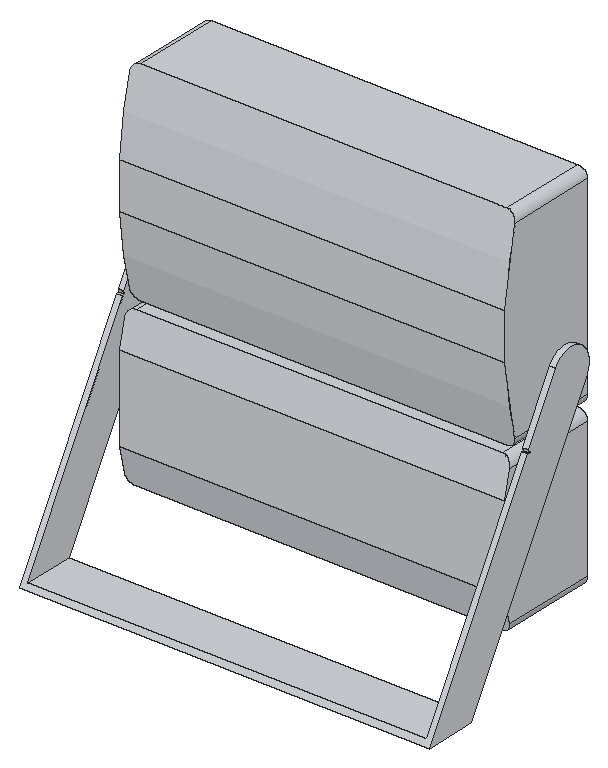
Revit family "Lighting-Floodlights-GEWISS-SMART[PRO]2.0-LED-MEDIUM-POWER_2MODULE_DALI.CLII", category Apparecchi per illuminazione, host Superficie, Revit 2019
Family settings
  Host = Superficie
  Quota connettore circolare = Usa diametro
  Tipo di parte = Normale
  Taglio con vuoti quando caricato = No
  Sorgente d'illuminazione = No
  Condiviso = No
  Punto di calcolo locali = No
Parameters (values of type "GWP2284NB - SMARTPRO2.0 2M 4000K CRI80 A3 DALI CL2")
  Wiring = "Watertight connector"
  Weight (kg): = "13"
  Warranty = "5 years"
  Versions = "4000K natural light"
  Version file RFA = "20.11"
  VISIBILITA PROIETTORE IN PIANTA [instance] = no
  VIBILITA SIMBOLO [instance] = not(VISIBILITA PROIETTORE IN PIANTA)  # yes
  Unique digital code (Datamatrix) = "Currently not present"
  Unified Glare Rating = "G*6 - ULOR = 0"
  URL = "https://www.gewiss.com/ww/en"
  Type of light source = "LED - Not replaceable"
  Tilt- = "Rotation on bracket with integrated goniometer"
  Technical sheet = "https://www.gewiss.com/ww/en/search?q=GWP2284NB"
  System power = "330W"
  Supply voltage = "220 - 240 V"
  Stocking temperature = "-"
  Standards and approvals = "-"
  Standard- = "EN60598-1; EN60598-2-5; IEC 62778; IEC 62471; EN13201"
  Standard Deviation Colour Matching = "SDCM = 3"
  Spostamento_x_effettivo = 4000 mm - Spostamento_x  # 1813.822 mm
  Spostamento_x = 2186.178 mm
  Shock resistance = "IK08"
  Shield type = "Flat tempered glass 4mm"
  SEO = "Floodlight"
  Realized by GEWISS S.p.A. = ""
  Rated frequency (Hz) = "50 / 60"
  Default Elevation = 1219.2 mm
  Produttore = "GEWISS S.p.A."
  Photobiological Risk Class = "-"
  Overvoltage protection = "DM 6 kV / CM 10 kV"
  Optic and illuminating features = "-"
  Optic Maintenance = "Not available"
  Optic : = "Polished anodised aluminum reflector with 99.99% pure aluminum"
  Optic = "A3 - Assymetric Narrow"
  Operating temperature : = "-30 +50 °C"
  Mouting and installation = "High-mast lighting - Wall mounting - Ground mouting"
  Modello = "GWP2284NB"
  Maximum surface exposed to the wind : = "0,170 m2"
  Materials = "-"
  Luminaire = "LED luminaire with small,mid and high lumen power"
  Lumen output (lm) = "37200"
  Locking Hook = "Hexagonal metric screws"
  Lifetime = "L90B10 (Tq+25°C) - 40000h L90B10 (Tq+50°C) = 32000h L80B10 (Tq+25°C) - 90000h"
  Lampada = "LED"
  LED Maintenance = "Not available"
  Insulation class = "II"
  Installationa and maintenance = "-"
  Immagine tipo = GWP2274AD.jpg
  IPEA = "ROAD = A // LARGE AREAS = A3 + // CYCLOPEDONALS = A + // GREEN AREAS = A + // HISTORICAL CENTER = A5 + // OTHER = A5 +"
  IP degree = "IP66"
  IDT = "132314cb1b854b53a35eaeb109d835d9"
  IDF = "bc28a6a6-48c2-44be-9680-979c10432a70"
  Glow Wire Test : = "-"
  General information = "-"
  Gasket = "Anti-aging silicone"
  GW - Codice Electrocod = "2424"
  Fixing = "Bracket"
  External screw = "Stainless steel"
  Eletrical and lighting features = "-"
  Efficiency (lm/W) = "113"
  Driver Box = "Built-in"
  Driver = "Included"
  Device with reduced surface temperature = "No"
  Descrizione = "SMARTPRO2.0 2M 4000K CRI80 A3 DALI CL2"
  DIN 18032-3 certification = "Yes"
  Control System = "DALI"
  Context = "Sport, Big Areas"
  Colour temperature = "4000K"
  Colour : = "Polyester powder coated"
  Colour = "Graphite grey"
  Color Rendering Index = "CRI-80"
  Classification: = "-"
  Catalogue = "LIGHTING"
  COBie.Tagnumber = ""
  COBie.CreatedOn = ""
  COBie.CreatebBy = ""
  COBie.ComponentRegisterItemID = ""
  COBie.Component.TagNumber = ""
  COBie.Component.Space = ""
  COBie.Component.SerialNumber = ""
  COBie.Component.InstallationDate = ""
  COBie.Component.Description = ""
  COBie.Component.BarCode = ""
  Body = "Die-cast aluminium -"
  Applicazione = "Indoor / Outdoor"
Reference planes
  plane 1 "Centro (Fronte/Retro)": y = 0
  plane 2: z = 0
  plane 3 "Centro (Sinistra/Destra)": x = 0
  plane 4: x = -1813.822
  plane 5: x = 0
Lines and regions (mm)
  Masking region 1, visible <- "VISIBILITA PROIETTORE IN PIANTA"
    outline origin (0, 0, 0) x (1, 0, 0) y (0, 1, 0)
      loop
        line (-199.835, 106.682) -> (-199.835, -103.584) -> (200.165, -103.584) -> (200.165, 106.682) -> (-199.835, 106.682)
  Masking region 2, visible <- "VISIBILITA PROIETTORE IN PIANTA"
    outline origin (0, 0, 0) x (1, 0, 0) y (0, 1, 0)
      loop
        line (-212.835, -113.135) -> (213.165, -113.135) -> (213.165, 106.682) -> (207.165, 106.682) -> (207.165, -110.249) -> (-207.165, -110.249) -> (-207.165, 106.682) -> (-212.835, 106.682) -> (-212.835, -113.135)
  symbolic lines, visible <- "VISIBILITA PROIETTORE IN PIANTA"
    curve 1: line (-193.91, 0, 417.088) -> (173.228, 0, 417.088)
    curve 2: line (-206.772, 0, 217.838) -> (-206.772, 0, 404.227)
    curve 3: line (173.228, 0, 197.838) -> (-186.772, 0, 197.838)
    curve 4: line (193.228, 0, 397.088) -> (193.228, 0, 217.838)
    curve 5: arc (-206.772, 0, 404.227) -> (-203.005, 0, 413.321) -> (-193.91, 0, 417.088) r 12.861
    curve 6: arc (193.228, 0, 397.088) -> (187.37, 0, 411.23) -> (173.228, 0, 417.088) r 20
    curve 7: arc (173.228, 0, 197.838) -> (187.37, 0, 203.696) -> (193.228, 0, 217.838) r 20
    curve 8: arc (-206.772, 0, 217.838) -> (-200.914, 0, 203.696) -> (-186.772, 0, 197.838) r 20
    curve 9: line (-193.91, 0, 182.088) -> (173.228, 0, 182.088)
    curve 10: line (-206.772, 0, 57.838) -> (-206.772, 0, 169.227)
    curve 11: line (173.228, 0, 37.838) -> (-186.772, 0, 37.838)
    curve 12: line (193.228, 0, 162.088) -> (193.228, 0, 57.838)
    curve 13: arc (-206.772, 0, 169.227) -> (-203.005, 0, 178.321) -> (-193.91, 0, 182.088) r 12.861
    curve 14: arc (193.228, 0, 162.088) -> (187.37, 0, 176.23) -> (173.228, 0, 182.088) r 20
    curve 15: arc (173.228, 0, 37.838) -> (187.37, 0, 43.696) -> (193.228, 0, 57.838) r 20
    curve 16: arc (-206.772, 0, 57.838) -> (-200.914, 0, 43.696) -> (-186.772, 0, 37.838) r 20
    curve 17: line (-227.35, 0, 25) -> (-227.35, 0, 253.745)
    curve 18: line (-222.35, 0, 248.021) -> (-222.35, 0, 30)
    curve 19: line (181.521, 0, 0) -> (-192.35, 0, 0)
    curve 20: line (-197.35, 0, -5) -> (186.521, 0, -5)
    curve 21: arc (-227.35, 0, 25) -> (-218.563, 0, 3.787) -> (-197.35, 0, -5) r 30
    curve 22: arc (-222.35, 0, 30) -> (-213.563, 0, 8.787) -> (-192.35, 0, 0) r 30
    curve 23: line (-227.35, 0, 211.958) -> (-225.82, 0, 211.958)
    curve 24: line (-225.82, 0, 211.958) -> (-227.841, 0, 215.455)
    curve 25: line (-227.841, 0, 215.455) -> (-231.85, 0, 222.399)
    curve 26: line (-231.85, 0, 222.399) -> (-231.85, 0, 228.935)
    curve 27: line (-231.85, 0, 228.935) -> (-231.85, 0, 247.511)
    curve 28: line (-231.85, 0, 247.511) -> (-226.218, 0, 257.265)
    curve 29: line (-222.35, 0, 211.265) -> (-204.35, 0, 211.265)
    curve 30: line (-204.35, 0, 257.265) -> (-226.218, 0, 257.265)
    curve 31: line (216.521, 0, 25) -> (216.521, 0, 253.745)
    curve 32: line (211.521, 0, 248.021) -> (211.521, 0, 30)
    curve 33: arc (216.521, 0, 25) -> (207.734, 0, 3.787) -> (186.521, 0, -5) r 30
    curve 34: arc (211.521, 0, 30) -> (202.734, 0, 8.787) -> (181.521, 0, 0) r 30
    curve 35: line (216.521, 0, 211.958) -> (214.991, 0, 211.958)
    curve 36: line (214.991, 0, 211.958) -> (217.011, 0, 215.455)
    curve 37: line (217.011, 0, 215.455) -> (221.021, 0, 222.399)
    curve 38: line (221.021, 0, 222.399) -> (221.021, 0, 228.935)
    curve 39: line (221.021, 0, 228.935) -> (221.021, 0, 247.511)
    curve 40: line (221.021, 0, 247.511) -> (215.389, 0, 257.265)
    curve 41: line (211.521, 0, 211.265) -> (193.521, 0, 211.265)
    curve 42: line (193.521, 0, 257.265) -> (215.389, 0, 257.265)
  symbolic lines, visible <- "VISIBILITA PROIETTORE IN PIANTA", not visible
    curve 43: line (382.37, 0, 549.17) -> (749.508, 0, 549.17)
    curve 44: line (369.508, 0, 349.92) -> (369.508, 0, 536.309)
    curve 45: line (749.508, 0, 329.92) -> (389.508, 0, 329.92)
    curve 46: line (769.508, 0, 529.17) -> (769.508, 0, 349.92)
    curve 47: arc (369.508, 0, 536.309) -> (373.275, 0, 545.403) -> (382.37, 0, 549.17) r 12.861
    curve 48: arc (769.508, 0, 529.17) -> (763.651, 0, 543.313) -> (749.508, 0, 549.17) r 20
    curve 49: arc (749.508, 0, 329.92) -> (763.651, 0, 335.778) -> (769.508, 0, 349.92) r 20
    curve 50: arc (369.508, 0, 349.92) -> (375.366, 0, 335.778) -> (389.508, 0, 329.92) r 20
    curve 51: line (382.37, 0, 314.17) -> (749.508, 0, 314.17)
    curve 52: line (369.508, 0, 189.92) -> (369.508, 0, 301.309)
    curve 53: line (749.508, 0, 169.92) -> (389.508, 0, 169.92)
    curve 54: line (769.508, 0, 294.17) -> (769.508, 0, 189.92)
    curve 55: arc (369.508, 0, 301.309) -> (373.275, 0, 310.403) -> (382.37, 0, 314.17) r 12.861
    curve 56: arc (769.508, 0, 294.17) -> (763.651, 0, 308.313) -> (749.508, 0, 314.17) r 20
    curve 57: arc (749.508, 0, 169.92) -> (763.651, 0, 175.778) -> (769.508, 0, 189.92) r 20
    curve 58: arc (369.508, 0, 189.92) -> (375.366, 0, 175.778) -> (389.508, 0, 169.92) r 20
    curve 59: line (348.93, 0, 157.082) -> (348.93, 0, 385.828)
    curve 60: line (353.93, 0, 380.103) -> (353.93, 0, 162.082)
    curve 61: line (757.801, 0, 132.082) -> (383.93, 0, 132.082)
    curve 62: line (378.93, 0, 127.082) -> (762.801, 0, 127.082)
    curve 63: arc (348.93, 0, 157.082) -> (357.717, 0, 135.869) -> (378.93, 0, 127.082) r 30
    curve 64: arc (353.93, 0, 162.082) -> (362.717, 0, 140.869) -> (383.93, 0, 132.082) r 30
    curve 65: line (348.93, 0, 344.04) -> (350.46, 0, 344.04)
    curve 66: line (350.46, 0, 344.04) -> (348.439, 0, 347.537)
    curve 67: line (348.439, 0, 347.537) -> (344.43, 0, 354.481)
    curve 68: line (344.43, 0, 354.481) -> (344.43, 0, 361.017)
    curve 69: line (344.43, 0, 361.017) -> (344.43, 0, 379.593)
    curve 70: line (344.43, 0, 379.593) -> (350.062, 0, 389.347)
    curve 71: line (353.93, 0, 343.347) -> (371.93, 0, 343.347)
    curve 72: line (371.93, 0, 389.347) -> (350.062, 0, 389.347)
    curve 73: line (792.801, 0, 157.082) -> (792.801, 0, 385.828)
    curve 74: line (787.801, 0, 380.103) -> (787.801, 0, 162.082)
    curve 75: arc (792.801, 0, 157.082) -> (784.014, 0, 135.869) -> (762.801, 0, 127.082) r 30
    curve 76: arc (787.801, 0, 162.082) -> (779.014, 0, 140.869) -> (757.801, 0, 132.082) r 30
    curve 77: line (792.801, 0, 344.04) -> (791.271, 0, 344.04)
    curve 78: line (791.271, 0, 344.04) -> (793.292, 0, 347.537)
    curve 79: line (793.292, 0, 347.537) -> (797.301, 0, 354.481)
    curve 80: line (797.301, 0, 354.481) -> (797.301, 0, 361.017)
    curve 81: line (797.301, 0, 361.017) -> (797.301, 0, 379.593)
    curve 82: line (797.301, 0, 379.593) -> (791.669, 0, 389.347)
    curve 83: line (787.801, 0, 343.347) -> (769.801, 0, 343.347)
    curve 84: line (769.801, 0, 389.347) -> (791.669, 0, 389.347)
    curve 85: line (-193.91, 0, 417.088) -> (173.228, 0, 417.088)
    curve 86: line (-206.772, 0, 217.838) -> (-206.772, 0, 404.227)
    curve 87: line (173.228, 0, 197.838) -> (-186.772, 0, 197.838)
    curve 88: line (193.228, 0, 397.088) -> (193.228, 0, 217.838)
    curve 89: arc (-206.772, 0, 404.227) -> (-203.005, 0, 413.321) -> (-193.91, 0, 417.088) r 12.861
    curve 90: arc (193.228, 0, 397.088) -> (187.37, 0, 411.23) -> (173.228, 0, 417.088) r 20
    curve 91: arc (173.228, 0, 197.838) -> (187.37, 0, 203.696) -> (193.228, 0, 217.838) r 20
    curve 92: arc (-206.772, 0, 217.838) -> (-200.914, 0, 203.696) -> (-186.772, 0, 197.838) r 20
    curve 93: line (-193.91, 0, 182.088) -> (173.228, 0, 182.088)
    curve 94: line (-206.772, 0, 57.838) -> (-206.772, 0, 169.227)
    curve 95: line (173.228, 0, 37.838) -> (-186.772, 0, 37.838)
    curve 96: line (193.228, 0, 162.088) -> (193.228, 0, 57.838)
    curve 97: arc (-206.772, 0, 169.227) -> (-203.005, 0, 178.321) -> (-193.91, 0, 182.088) r 12.861
    curve 98: arc (193.228, 0, 162.088) -> (187.37, 0, 176.23) -> (173.228, 0, 182.088) r 20
    curve 99: arc (173.228, 0, 37.838) -> (187.37, 0, 43.696) -> (193.228, 0, 57.838) r 20
    curve 100: arc (-206.772, 0, 57.838) -> (-200.914, 0, 43.696) -> (-186.772, 0, 37.838) r 20
    curve 101: line (-227.35, 0, 25) -> (-227.35, 0, 253.745)
    curve 102: line (-222.35, 0, 248.021) -> (-222.35, 0, 30)
    curve 103: line (181.521, 0, 0) -> (-192.35, 0, 0)
    curve 104: line (-197.35, 0, -5) -> (186.521, 0, -5)
    curve 105: arc (-227.35, 0, 25) -> (-218.563, 0, 3.787) -> (-197.35, 0, -5) r 30
    curve 106: arc (-222.35, 0, 30) -> (-213.563, 0, 8.787) -> (-192.35, 0, 0) r 30
    curve 107: line (-227.35, 0, 211.958) -> (-225.82, 0, 211.958)
    curve 108: line (-225.82, 0, 211.958) -> (-227.841, 0, 215.455)
    curve 109: line (-227.841, 0, 215.455) -> (-231.85, 0, 222.399)
    curve 110: line (-231.85, 0, 222.399) -> (-231.85, 0, 228.935)
    curve 111: line (-231.85, 0, 228.935) -> (-231.85, 0, 247.511)
    curve 112: line (-231.85, 0, 247.511) -> (-226.218, 0, 257.265)
    curve 113: line (-222.35, 0, 211.265) -> (-204.35, 0, 211.265)
    curve 114: line (-204.35, 0, 257.265) -> (-226.218, 0, 257.265)
    curve 115: line (216.521, 0, 25) -> (216.521, 0, 253.745)
    curve 116: line (211.521, 0, 248.021) -> (211.521, 0, 30)
    curve 117: arc (216.521, 0, 25) -> (207.734, 0, 3.787) -> (186.521, 0, -5) r 30
    curve 118: arc (211.521, 0, 30) -> (202.734, 0, 8.787) -> (181.521, 0, 0) r 30
    curve 119: line (216.521, 0, 211.958) -> (214.991, 0, 211.958)
    curve 120: line (214.991, 0, 211.958) -> (217.011, 0, 215.455)
    curve 121: line (217.011, 0, 215.455) -> (221.021, 0, 222.399)
    curve 122: line (221.021, 0, 222.399) -> (221.021, 0, 228.935)
    curve 123: line (221.021, 0, 228.935) -> (221.021, 0, 247.511)
    curve 124: line (221.021, 0, 247.511) -> (215.389, 0, 257.265)
    curve 125: line (211.521, 0, 211.265) -> (193.521, 0, 211.265)
    curve 126: line (193.521, 0, 257.265) -> (215.389, 0, 257.265)
Dimensions and locks
  plane 4 to plane 3 "Centro (Sinistra/Destra)" = 1813.822 mm
  "Spostamento_x_effettivo": plane 4 to plane 5
  aligned and locked: plane 2 to host face
  aligned and locked: level to host face
  aligned and locked: plane 3 "Centro (Sinistra/Destra)" to nested 1
  aligned and locked: plane 5 to nested 2
Automatic sketch dimensions
  host sketch curve to host sketch curve = 2438.4 mm  (x2)
  Masking region 1 sketch curve to plane 3 "Centro (Sinistra/Destra)" = 199.835 mm
  plane 3 "Centro (Sinistra/Destra)" to Masking region 1 sketch curve = 200.165 mm
  plane 1 "Centro (Fronte/Retro)" to Masking region 1 sketch curve = 103.584 mm
  Masking region 1 sketch curve to plane 1 "Centro (Fronte/Retro)" = 106.682 mm
  Masking region 2 sketch curve to plane 3 "Centro (Sinistra/Destra)" = 212.835 mm
  Masking region 2 sketch curve to Masking region 2 sketch curve = 5.671 mm
  plane 3 "Centro (Sinistra/Destra)" to Masking region 2 sketch curve = 207.165 mm
  Masking region 2 sketch curve to Masking region 2 sketch curve = 6 mm
  plane 1 "Centro (Fronte/Retro)" to Masking region 2 sketch curve = 113.135 mm
  Masking region 2 sketch curve to Masking region 2 sketch curve = 2.887 mm
  Masking region 2 sketch curve to plane 1 "Centro (Fronte/Retro)" = 106.682 mm  (x2)
Nested families
  nested 1: "SMART[PRO]2.0 PROIETTORI LED MEDIA POTENZA 2 MOD DALI_BASE" at (-212.835, -103.584, 0), type "GWP2273AD - 3000K - Symm. S1 - 2x80 LED - 330W - IP66"
  nested 2: "SIMB2DALI" at (0, 20, 0), type "SIMB2DALI"
  nested 3: "SIMB2DALI" at (0, 0, 228.171) x (1, 0, 0) z (0, -1, 0), visible <- "VIBILITA SIMBOLO", type "SIMB2DALI"
Definition of nested family "SMART[PRO]2.0 PROIETTORI LED MEDIA POTENZA 2 MOD DALI_BASE"
  Parameters (values of type "GWP2273AD - 3000K - Symm. S1 - 2x80 LED - 330W - IP66")
    l = 400 mm  # constant formula
    Vetro = none
    Versioni = "Luce calda 3000K"
    Temperatura di colore = "3000 K (CRI 70)"
    Superficie massima esposta al vento [mq] = "0,43"
    Serie = "SMART [PRO] 2.0"
    Resistenza agli urti = "IK08"
    Regolazione inclinazione = "-180° ÷ + 180° staffa"
    Default Elevation = 1219.2 mm
    Manufacturer = "GEWISS"
    Potenza di sistema = "330W"
    Peso (kg) = "13"
    Ottica = "Simmetrica S1"
    N° LED = "160"
    Numero moduli = "2 (2x80 LED)"
    Model = "GWP2273AD"
    Lumen output (lm) = "34925"
    Lamp = "LED"
    Type Image = element 180151
    GW - Grado di protezione = "IP66"
    Garanzia = "5 anni"
    GEWISS SCHEDA TECNICA = "http://pro.gewiss.com/irj/portal/?NavigationTarget=pcd:portal_content/com.gewiss.ZPPFDMain/com.gewiss.ZPPFDITMain/com.gewiss.ZPPFDITMainDefault/com.gewiss.ZPPFDITPages/com.gewiss.ZPPFDITPagesAP/com.gewiss.ZPPFDITPagesAPCatalogo/com.gewiss.ZPPPDITAPProductDetail&codProd=GWP2273AD"
    Flusso nominale = "44800"
    Description = "SMART PRO 2M 3000K CRI70 TYPE S1 DALI"
    GW - Codice Electrocod = "2424"
    Classe isolamento = "I"
    Applicazione = "Interno / Esterno"
  Types (32, lengths in mm): name | Versioni | Temperatura di colore | Ottica | Model | Lumen output (lm) | GEWISS SCHEDA TECNICA | Flusso nominale | Description
    GWP2273AD - 3000K - Symm. S1 - 2x80 LED - 330W - IP66 | "Luce calda 3000K" | "3000 K (CRI 70)" | "Simmetrica S1" | "GWP2273AD" | "34925" | "http://pro.gewiss.com/irj/portal/?NavigationTarget=pcd:portal_content/com.gewiss.ZPPFDMain/com.gewiss.ZPPFDITMain/com.gewiss.ZPPFDITMainDefault/com.gewiss.ZPPFDITPages/com.gewiss.ZPPFDITPagesAP/com.gewiss.ZPPFDITPagesAPCatalogo/com.gewiss.ZPPPDITAPProductDetail&codProd=GWP2273AD" | "44800" | "SMART PRO 2M 3000K CRI70 TYPE S1 DALI"
    GWP2273BD - 3000K - Symm. S2 - 2x80 LED - 330W - IP66 | "Luce calda 3000K" | "3000 K (CRI 70)" | "Simmetrica S2" | "GWP2273BD" | "37137" | "http://pro.gewiss.com/irj/portal/?NavigationTarget=pcd:portal_content/com.gewiss.ZPPFDMain/com.gewiss.ZPPFDITMain/com.gewiss.ZPPFDITMainDefault/com.gewiss.ZPPFDITPages/com.gewiss.ZPPFDITPagesAP/com.gewiss.ZPPFDITPagesAPCatalogo/com.gewiss.ZPPPDITAPProductDetail&codProd=GWP2273BD" | "44800" | "SMART PRO 2M 3000K CRI70 TYPE S2 DALI"
    GWP2273CD - 3000K - Asymm. A1 - 2x80 LED - 330W - IP66 | "Luce calda 3000K" | "3000 K (CRI 70)" | "Asimmetrica A1" | "GWP2273CD" | "34141" | "http://pro.gewiss.com/irj/portal/?NavigationTarget=pcd:portal_content/com.gewiss.ZPPFDMain/com.gewiss.ZPPFDITMain/com.gewiss.ZPPFDITMainDefault/com.gewiss.ZPPFDITPages/com.gewiss.ZPPFDITPagesAP/com.gewiss.ZPPFDITPagesAPCatalogo/com.gewiss.ZPPPDITAPProductDetail&codProd=GWP2273CD" | "44800" | "SMART PRO 2M 3000K CRI70 TYPE A1 DALI"
    GWP2273FD - 3000K - Asymm. A2 - 2x80 LED - 330W - IP66 | "Luce calda 3000K" | "3000 K (CRI 70)" | "Asimmetrica A2" | "GWP2273FD" | "29176" | "http://pro.gewiss.com/irj/portal/?NavigationTarget=pcd:portal_content/com.gewiss.ZPPFDMain/com.gewiss.ZPPFDITMain/com.gewiss.ZPPFDITMainDefault/com.gewiss.ZPPFDITPages/com.gewiss.ZPPFDITPagesAP/com.gewiss.ZPPFDITPagesAPCatalogo/com.gewiss.ZPPPDITAPProductDetail&codProd=GWP2273FD" | "44800" | "SMART PRO 2M 3000K CRI70 TYPE A2 DALI"
    GWP2273GD - 3000K - Circ. C4 - 2x80 LED - 330W - IP66 | "Luce calda 3000K" | "3000 K (CRI 70)" | "Circolare C4" | "GWP2273GD" | "35261" | "http://pro.gewiss.com/irj/portal/?NavigationTarget=pcd:portal_content/com.gewiss.ZPPFDMain/com.gewiss.ZPPFDITMain/com.gewiss.ZPPFDITMainDefault/com.gewiss.ZPPFDITPages/com.gewiss.ZPPFDITPagesAP/com.gewiss.ZPPFDITPagesAPCatalogo/com.gewiss.ZPPPDITAPProductDetail&codProd=GWP2273GD" | "44800" | "SMART PRO 2M 3000K CRI70 TYPE C4 DALI"
    GWP2273HD - 3000K - Circ. C3 - 2x80 LED - 330W - IP66 | "Luce calda 3000K" | "3000 K (CRI 70)" | "Circolare C3" | "GWP2273HD" | "35261" | "http://pro.gewiss.com/irj/portal/?NavigationTarget=pcd:portal_content/com.gewiss.ZPPFDMain/com.gewiss.ZPPFDITMain/com.gewiss.ZPPFDITMainDefault/com.gewiss.ZPPFDITPages/com.gewiss.ZPPFDITPagesAP/com.gewiss.ZPPFDITPagesAPCatalogo/com.gewiss.ZPPPDITAPProductDetail&codProd=GWP2273HD" | "44800" | "SMART PRO 2M 3000K CRI70 TYPE C3 DALI"
    GWP2273LD - 3000K - Circ. C2 - 2x80 LED - 330W - IP66 | "Luce calda 3000K" | "3000 K (CRI 70)" | "Circolare C2" | "GWP2273LD" | "35261" | "http://pro.gewiss.com/irj/portal/?NavigationTarget=pcd:portal_content/com.gewiss.ZPPFDMain/com.gewiss.ZPPFDITMain/com.gewiss.ZPPFDITMainDefault/com.gewiss.ZPPFDITPages/com.gewiss.ZPPFDITPagesAP/com.gewiss.ZPPFDITPagesAPCatalogo/com.gewiss.ZPPPDITAPProductDetail&codProd=GWP2273LD" | "44800" | "SMART PRO 2M 3000K CRI70 TYPE C2 DALI"
    GWP2273MD - 3000K - Circ. C1 - 2x80 LED - 330W - IP66 | "Luce calda 3000K" | "3000 K (CRI 70)" | "Circolare C1" | "GWP2273MD" | "35261" | "http://pro.gewiss.com/irj/portal/?NavigationTarget=pcd:portal_content/com.gewiss.ZPPFDMain/com.gewiss.ZPPFDITMain/com.gewiss.ZPPFDITMainDefault/com.gewiss.ZPPFDITPages/com.gewiss.ZPPFDITPagesAP/com.gewiss.ZPPFDITPagesAPCatalogo/com.gewiss.ZPPPDITAPProductDetail&codProd=GWP2273MD" | "44800" | "SMART PRO 2M 3000K CRI70 TYPE C1 DALI"
    GWP2274AD - 4000K - Symm. S1 - 2x80 LED - 330W - IP66 | "Luce naturale 4000K" | "4000 K (CRI 70)" | "Simmetrica S1" | "GWP2274AD" | "37420" | "http://pro.gewiss.com/irj/portal/?NavigationTarget=pcd:portal_content/com.gewiss.ZPPFDMain/com.gewiss.ZPPFDITMain/com.gewiss.ZPPFDITMainDefault/com.gewiss.ZPPFDITPages/com.gewiss.ZPPFDITPagesAP/com.gewiss.ZPPFDITPagesAPCatalogo/com.gewiss.ZPPPDITAPProductDetail&codProd=GWP2274AD" | "48000" | "SMART PRO 2M 4000K CRI70 TYPE S1 DALI"
    GWP2274BD - 4000K - Symm. S2 - 2x80 LED - 330W - IP66 | "Luce naturale 4000K" | "4000 K (CRI 70)" | "Simmetrica S2" | "GWP2274BD" | "39790" | "http://pro.gewiss.com/irj/portal/?NavigationTarget=pcd:portal_content/com.gewiss.ZPPFDMain/com.gewiss.ZPPFDITMain/com.gewiss.ZPPFDITMainDefault/com.gewiss.ZPPFDITPages/com.gewiss.ZPPFDITPagesAP/com.gewiss.ZPPFDITPagesAPCatalogo/com.gewiss.ZPPPDITAPProductDetail&codProd=GWP2274BD" | "48000" | "SMART PRO 2M 4000K CRI70 TYPE S2 DALI"
    GWP2274CD - 4000K - Asymm. A1 - 2x80 LED - 330W - IP66 | "Luce naturale 4000K" | "4000 K (CRI 70)" | "Asimmetrica A1" | "GWP2274CD" | "36580" | "http://pro.gewiss.com/irj/portal/?NavigationTarget=pcd:portal_content/com.gewiss.ZPPFDMain/com.gewiss.ZPPFDITMain/com.gewiss.ZPPFDITMainDefault/com.gewiss.ZPPFDITPages/com.gewiss.ZPPFDITPagesAP/com.gewiss.ZPPFDITPagesAPCatalogo/com.gewiss.ZPPPDITAPProductDetail&codProd=GWP2274CD" | "48000" | "SMART PRO 2M 4000K CRI70 TYPE A1 DALI"
    GWP2274FD - 4000K - Asymm. A2 - 2x80 LED - 330W - IP66 | "Luce naturale 4000K" | "4000 K (CRI 70)" | "Asimmetrica A2" | "GWP2274FD" | "31260" | "http://pro.gewiss.com/irj/portal/?NavigationTarget=pcd:portal_content/com.gewiss.ZPPFDMain/com.gewiss.ZPPFDITMain/com.gewiss.ZPPFDITMainDefault/com.gewiss.ZPPFDITPages/com.gewiss.ZPPFDITPagesAP/com.gewiss.ZPPFDITPagesAPCatalogo/com.gewiss.ZPPPDITAPProductDetail&codProd=GWP2274FD" | "48000" | "SMART PRO 2M 4000K CRI70 TYPE A2 DALI"
    GWP2274GD - 4000K - Circ. C4 - 2x80 LED - 330W - IP66 | "Luce naturale 4000K" | "4000 K (CRI 70)" | "Circolare C4" | "GWP2274GD" | "37780" | "http://pro.gewiss.com/irj/portal/?NavigationTarget=pcd:portal_content/com.gewiss.ZPPFDMain/com.gewiss.ZPPFDITMain/com.gewiss.ZPPFDITMainDefault/com.gewiss.ZPPFDITPages/com.gewiss.ZPPFDITPagesAP/com.gewiss.ZPPFDITPagesAPCatalogo/com.gewiss.ZPPPDITAPProductDetail&codProd=GWP2274GD" | "48000" | "SMART PRO 2M 4000K CRI70 TYPE C4 DALI"
    GWP2274HD - 4000K - Circ. C3 - 2x80 LED - 330W - IP66 | "Luce naturale 4000K" | "4000 K (CRI 70)" | "Circolare C3" | "GWP2274HD" | "37780" | "http://pro.gewiss.com/irj/portal/?NavigationTarget=pcd:portal_content/com.gewiss.ZPPFDMain/com.gewiss.ZPPFDITMain/com.gewiss.ZPPFDITMainDefault/com.gewiss.ZPPFDITPages/com.gewiss.ZPPFDITPagesAP/com.gewiss.ZPPFDITPagesAPCatalogo/com.gewiss.ZPPPDITAPProductDetail&codProd=GWP2274HD" | "48000" | "SMART PRO 2M 4000K CRI70 TYPE C3 DALI"
    GWP2274LD - 4000K - Circ. C2 - 2x80 LED - 330W - IP66 | "Luce naturale 4000K" | "4000 K (CRI 70)" | "Circolare C2" | "GWP2274LD" | "37780" | "http://pro.gewiss.com/irj/portal/?NavigationTarget=pcd:portal_content/com.gewiss.ZPPFDMain/com.gewiss.ZPPFDITMain/com.gewiss.ZPPFDITMainDefault/com.gewiss.ZPPFDITPages/com.gewiss.ZPPFDITPagesAP/com.gewiss.ZPPFDITPagesAPCatalogo/com.gewiss.ZPPPDITAPProductDetail&codProd=GWP2274LD" | "48000" | "SMART PRO 2M 4000K CRI70 TYPE C2 DALI"
    GWP2274MD - 4000K - Circ. C1 - 2x80 LED - 330W - IP66 | "Luce naturale 4000K" | "4000 K (CRI 70)" | "Circolare C1" | "GWP2274MD" | "37780" | "http://pro.gewiss.com/irj/portal/?NavigationTarget=pcd:portal_content/com.gewiss.ZPPFDMain/com.gewiss.ZPPFDITMain/com.gewiss.ZPPFDITMainDefault/com.gewiss.ZPPFDITPages/com.gewiss.ZPPFDITPagesAP/com.gewiss.ZPPFDITPagesAPCatalogo/com.gewiss.ZPPPDITAPProductDetail&codProd=GWP2274MD" | "48000" | "SMART PRO 2M 4000K CRI70 TYPE C1 DALI"
    GWP2275AD - 5700K - Symm. S1 - 2x80 LED - 330W - IP66 | "Luce fredda 5700K" | "5700 K (CRI 70)" | "Simmetrica S1" | "GWP2275AD" | "37420" | "http://pro.gewiss.com/irj/portal/?NavigationTarget=pcd:portal_content/com.gewiss.ZPPFDMain/com.gewiss.ZPPFDITMain/com.gewiss.ZPPFDITMainDefault/com.gewiss.ZPPFDITPages/com.gewiss.ZPPFDITPagesAP/com.gewiss.ZPPFDITPagesAPCatalogo/com.gewiss.ZPPPDITAPProductDetail&codProd=GWP2275AD" | "48000" | "SMART PRO 2M 5700K CRI70 TYPE S1 DALI"
    GWP2275BD - 5700K - Symm. S2 - 2x80 LED - 330W - IP66 | "Luce fredda 5700K" | "5700 K (CRI 70)" | "Simmetrica S2" | "GWP2275BD" | "39790" | "http://pro.gewiss.com/irj/portal/?NavigationTarget=pcd:portal_content/com.gewiss.ZPPFDMain/com.gewiss.ZPPFDITMain/com.gewiss.ZPPFDITMainDefault/com.gewiss.ZPPFDITPages/com.gewiss.ZPPFDITPagesAP/com.gewiss.ZPPFDITPagesAPCatalogo/com.gewiss.ZPPPDITAPProductDetail&codProd=GWP2275BD" | "48000" | "SMART PRO 2M 5700K CRI70 TYPE S2 DALI"
    GWP2275CD - 5700K - Asymm. A1 - 2x80 LED - 330W - IP66 | "Luce fredda 5700K" | "5700 K (CRI 70)" | "Asimmetrica A1" | "GWP2275CD" | "36580" | "http://pro.gewiss.com/irj/portal/?NavigationTarget=pcd:portal_content/com.gewiss.ZPPFDMain/com.gewiss.ZPPFDITMain/com.gewiss.ZPPFDITMainDefault/com.gewiss.ZPPFDITPages/com.gewiss.ZPPFDITPagesAP/com.gewiss.ZPPFDITPagesAPCatalogo/com.gewiss.ZPPPDITAPProductDetail&codProd=GWP2275CD" | "48000" | "SMART PRO 2M 5700K CRI70 TYPE A1 DALI"
    GWP2275FD - 5700K - Asymm. A2 - 2x80 LED - 330W - IP66 | "Luce fredda 5700K" | "5700 K (CRI 70)" | "Asimmetrica A2" | "GWP2275FD" | "31260" | "http://pro.gewiss.com/irj/portal/?NavigationTarget=pcd:portal_content/com.gewiss.ZPPFDMain/com.gewiss.ZPPFDITMain/com.gewiss.ZPPFDITMainDefault/com.gewiss.ZPPFDITPages/com.gewiss.ZPPFDITPagesAP/com.gewiss.ZPPFDITPagesAPCatalogo/com.gewiss.ZPPPDITAPProductDetail&codProd=GWP2275FD" | "48000" | "SMART PRO 2M 5700K CRI70 TYPE A2 DALI"
    GWP2275GD - 5700K - Circ. C4 - 2x80 LED - 330W - IP66 | "Luce fredda 5700K" | "5700 K (CRI 70)" | "Circolare C4" | "GWP2275GD" | "37780" | "http://pro.gewiss.com/irj/portal/?NavigationTarget=pcd:portal_content/com.gewiss.ZPPFDMain/com.gewiss.ZPPFDITMain/com.gewiss.ZPPFDITMainDefault/com.gewiss.ZPPFDITPages/com.gewiss.ZPPFDITPagesAP/com.gewiss.ZPPFDITPagesAPCatalogo/com.gewiss.ZPPPDITAPProductDetail&codProd=GWP2275GD" | "48000" | "SMART PRO 2M 5700K CRI70 TYPE C4 DALI"
    GWP2275HD - 5700K - Circ. C3 - 2x80 LED - 330W - IP66 | "Luce fredda 5700K" | "5700 K (CRI 70)" | "Circolare C3" | "GWP2275HD" | "37780" | "http://pro.gewiss.com/irj/portal/?NavigationTarget=pcd:portal_content/com.gewiss.ZPPFDMain/com.gewiss.ZPPFDITMain/com.gewiss.ZPPFDITMainDefault/com.gewiss.ZPPFDITPages/com.gewiss.ZPPFDITPagesAP/com.gewiss.ZPPFDITPagesAPCatalogo/com.gewiss.ZPPPDITAPProductDetail&codProd=GWP2275HD" | "48000" | "SMART PRO 2M 5700K CRI70 TYPE C3 DALI"
    GWP2275LD - 5700K - Circ. C2 - 2x80 LED - 330W - IP66 | "Luce fredda 5700K" | "5700 K (CRI 70)" | "Circolare C2" | "GWP2275LD" | "37780" | "http://pro.gewiss.com/irj/portal/?NavigationTarget=pcd:portal_content/com.gewiss.ZPPFDMain/com.gewiss.ZPPFDITMain/com.gewiss.ZPPFDITMainDefault/com.gewiss.ZPPFDITPages/com.gewiss.ZPPFDITPagesAP/com.gewiss.ZPPFDITPagesAPCatalogo/com.gewiss.ZPPPDITAPProductDetail&codProd=GWP2275LD" | "48000" | "SMART PRO 2M 5700K CRI70 TYPE C2 DALI"
    GWP2275MD - 5700K - Circ. C1 - 2x80 LED - 330W - IP66 | "Luce fredda 5700K" | "5700 K (CRI 70)" | "Circolare C1" | "GWP2275MD" | "37780" | "http://pro.gewiss.com/irj/portal/?NavigationTarget=pcd:portal_content/com.gewiss.ZPPFDMain/com.gewiss.ZPPFDITMain/com.gewiss.ZPPFDITMainDefault/com.gewiss.ZPPFDITPages/com.gewiss.ZPPFDITPagesAP/com.gewiss.ZPPFDITPagesAPCatalogo/com.gewiss.ZPPPDITAPProductDetail&codProd=GWP2275MD" | "48000" | "SMART PRO 2M 5700K CRI70 TYPE C1 DALI"
    GWP2284AD | "Luce naturale 4000K" | "4000 K (CRI 70)" | "Simmetrica S1" | "GWP2274AD" | "37420" | "http://pro.gewiss.com/irj/portal/?NavigationTarget=pcd:portal_content/com.gewiss.ZPPFDMain/com.gewiss.ZPPFDITMain/com.gewiss.ZPPFDITMainDefault/com.gewiss.ZPPFDITPages/com.gewiss.ZPPFDITPagesAP/com.gewiss.ZPPFDITPagesAPCatalogo/com.gewiss.ZPPPDITAPProductDetail&codProd=GWP2274AD" | "48000" | "SMART PRO 2M 4000K CRI70 TYPE S1 DALI"
    GWP2284BD | "Luce naturale 4000K" | "4000 K (CRI 70)" | "Simmetrica S2" | "GWP2274BD" | "39790" | "http://pro.gewiss.com/irj/portal/?NavigationTarget=pcd:portal_content/com.gewiss.ZPPFDMain/com.gewiss.ZPPFDITMain/com.gewiss.ZPPFDITMainDefault/com.gewiss.ZPPFDITPages/com.gewiss.ZPPFDITPagesAP/com.gewiss.ZPPFDITPagesAPCatalogo/com.gewiss.ZPPPDITAPProductDetail&codProd=GWP2274BD" | "48000" | "SMART PRO 2M 4000K CRI70 TYPE S2 DALI"
    GWP2284CD | "Luce naturale 4000K" | "4000 K (CRI 70)" | "Asimmetrica A1" | "GWP2274CD" | "36580" | "http://pro.gewiss.com/irj/portal/?NavigationTarget=pcd:portal_content/com.gewiss.ZPPFDMain/com.gewiss.ZPPFDITMain/com.gewiss.ZPPFDITMainDefault/com.gewiss.ZPPFDITPages/com.gewiss.ZPPFDITPagesAP/com.gewiss.ZPPFDITPagesAPCatalogo/com.gewiss.ZPPPDITAPProductDetail&codProd=GWP2274CD" | "48000" | "SMART PRO 2M 4000K CRI70 TYPE A1 DALI"
    GWP2284FD | "Luce naturale 4000K" | "4000 K (CRI 70)" | "Asimmetrica A2" | "GWP2274FD" | "31260" | "http://pro.gewiss.com/irj/portal/?NavigationTarget=pcd:portal_content/com.gewiss.ZPPFDMain/com.gewiss.ZPPFDITMain/com.gewiss.ZPPFDITMainDefault/com.gewiss.ZPPFDITPages/com.gewiss.ZPPFDITPagesAP/com.gewiss.ZPPFDITPagesAPCatalogo/com.gewiss.ZPPPDITAPProductDetail&codProd=GWP2274FD" | "48000" | "SMART PRO 2M 4000K CRI70 TYPE A2 DALI"
    GWP2284GD | "Luce naturale 4000K" | "4000 K (CRI 70)" | "Circolare C4" | "GWP2274GD" | "37780" | "http://pro.gewiss.com/irj/portal/?NavigationTarget=pcd:portal_content/com.gewiss.ZPPFDMain/com.gewiss.ZPPFDITMain/com.gewiss.ZPPFDITMainDefault/com.gewiss.ZPPFDITPages/com.gewiss.ZPPFDITPagesAP/com.gewiss.ZPPFDITPagesAPCatalogo/com.gewiss.ZPPPDITAPProductDetail&codProd=GWP2274GD" | "48000" | "SMART PRO 2M 4000K CRI70 TYPE C4 DALI"
    GWP2284HD | "Luce naturale 4000K" | "4000 K (CRI 70)" | "Circolare C3" | "GWP2274HD" | "37780" | "http://pro.gewiss.com/irj/portal/?NavigationTarget=pcd:portal_content/com.gewiss.ZPPFDMain/com.gewiss.ZPPFDITMain/com.gewiss.ZPPFDITMainDefault/com.gewiss.ZPPFDITPages/com.gewiss.ZPPFDITPagesAP/com.gewiss.ZPPFDITPagesAPCatalogo/com.gewiss.ZPPPDITAPProductDetail&codProd=GWP2274HD" | "48000" | "SMART PRO 2M 4000K CRI70 TYPE C3 DALI"
    GWP2284LD | "Luce naturale 4000K" | "4000 K (CRI 70)" | "Circolare C2" | "GWP2274LD" | "37780" | "http://pro.gewiss.com/irj/portal/?NavigationTarget=pcd:portal_content/com.gewiss.ZPPFDMain/com.gewiss.ZPPFDITMain/com.gewiss.ZPPFDITMainDefault/com.gewiss.ZPPFDITPages/com.gewiss.ZPPFDITPagesAP/com.gewiss.ZPPFDITPagesAPCatalogo/com.gewiss.ZPPPDITAPProductDetail&codProd=GWP2274LD" | "48000" | "SMART PRO 2M 4000K CRI70 TYPE C2 DALI"
    GWP2284MD | "Luce naturale 4000K" | "4000 K (CRI 70)" | "Circolare C1" | "GWP2274MD" | "37780" | "http://pro.gewiss.com/irj/portal/?NavigationTarget=pcd:portal_content/com.gewiss.ZPPFDMain/com.gewiss.ZPPFDITMain/com.gewiss.ZPPFDITMainDefault/com.gewiss.ZPPFDITPages/com.gewiss.ZPPFDITPagesAP/com.gewiss.ZPPFDITPagesAPCatalogo/com.gewiss.ZPPPDITAPProductDetail&codProd=GWP2274MD" | "48000" | "SMART PRO 2M 4000K CRI70 TYPE C1 DALI"
  Reference planes
    plane 1 "Centro (Fronte/Retro)": y = 0
    plane 2: z = 0
    plane 3 "Centro (Sinistra/Destra)": x = 0
    plane 4: x = 5.671
    plane 5: z = 5
    plane 6: x = 426
    plane 7: x = 420
    plane 8: y = -9.551
    plane 9: y = 43.565
    plane 10: z = 267.876
    plane 11: z = 218.171
    plane 12: z = 212.854
    plane 13: x = 13
    plane 14: x = 413
    plane 15: z = 438.501
    plane 16: x = 212.835
    plane 17: z = 48.854
    plane 18: y = 210.266
    plane 19: y = 103.584
    plane 20: x = 23
    plane 21: z = 428.501
    plane 22: z = 228.171
    plane 23: x = 403
    plane 24: y = 174.258
    plane 25: x = 200.335
    plane 26: x = 225.335
  Forms (mm)
    Extrusion 1, solid
      sketch origin (0, 0, 0) x (0, 1, 0) y (0, 0, 1)
        loop
          line (153.15, 281.807) -> (-9.551, 0) -> (43.565, 0) -> (192.952, 258.745)
          arc (192.952, 258.745) -> (184.564, 290.146) -> (153.15, 281.807) r 23
      from 0 to 5.671
    Extrusion 2, solid
      sketch origin (448.871, 0, 0) x (0, 1, 0) y (0, 0, -1)
        loop
          arc (153.15, -281.807) -> (184.564, -290.146) -> (192.952, -258.745) r 23
          line (192.952, -258.745) -> (43.565, 0) -> (-9.551, 0) -> (153.15, -281.807)
      from 22.871 to 28.871
    Extrusion 3, solid
      sketch origin (0, 0, 0) x (0, 1, 0) y (0, 0, 1)
        loop
          line (46.452, 5) -> (-6.664, 5) -> (-9.551, 0) -> (43.565, 0) -> (46.452, 5)
      from 0 to 426
    Extrusion 4, solid
      sketch origin (0, 0, 0) x (1, 0, 0) y (0, 0, 1)
        loop
          arc (23, 438.501) -> (15.929, 435.572) -> (13, 428.501) r 10
          line (13, 428.501) -> (13, 228.171)
          arc (13, 228.171) -> (15.929, 221.1) -> (23, 218.171) r 10
          line (23, 218.171) -> (403, 218.171)
          arc (403, 218.171) -> (410.071, 221.1) -> (413, 228.171) r 10
          line (413, 228.171) -> (413, 428.501)
          arc (413, 428.501) -> (410.071, 435.572) -> (403, 438.501) r 10
          line (403, 438.501) -> (23, 438.501)
      from -210.266 to -103.584
    Extrusion 5, solid
      sketch origin (0, 0, 0) x (1, 0, 0) y (0, 0, 1)
        loop
          line (23, 48.854) -> (403, 48.854)
          arc (403, 48.854) -> (410.071, 51.783) -> (413, 58.854) r 10
          line (413, 58.854) -> (413, 202.854)
          arc (413, 202.854) -> (410.071, 209.925) -> (403, 212.854) r 10
          line (403, 212.854) -> (23, 212.854)
          arc (23, 212.854) -> (15.929, 209.925) -> (13, 202.854) r 10
          line (13, 202.854) -> (13, 58.854)
          arc (13, 58.854) -> (15.929, 51.783) -> (23, 48.854) r 10
      from -210.266 to -103.584
    Extrusion 6, void
      sketch origin (0, 0, 0) x (0, 1, 0) y (0, 0, 1)
        loop
          line (0, 438.501) -> (0, 218.171) -> (119.109, 218.171)
          arc (119.109, 218.171) -> (108.875, 260.63) -> (103.584, 303.983) r 379.693
          line (103.584, 303.983) -> (103.584, 352.689)
          arc (103.584, 352.689) -> (108.875, 396.042) -> (119.109, 438.501) r 379.693
          line (119.109, 438.501) -> (0, 438.501)
      from 0 to 426
    Extrusion 7, void
      sketch origin (0, 0, 0) x (1, 0, 0) y (0, 0, 1)
        loop
          arc (33, 428.501) -> (25.929, 425.572) -> (23, 418.501) r 10
          line (23, 418.501) -> (23, 238.171)
          arc (23, 238.171) -> (25.929, 231.1) -> (33, 228.171) r 10
          line (33, 228.171) -> (393, 228.171)
          arc (393, 228.171) -> (400.071, 231.1) -> (403, 238.171) r 10
          line (403, 238.171) -> (403, 418.501)
          arc (403, 418.501) -> (400.071, 425.572) -> (393, 428.501) r 10
          line (393, 428.501) -> (33, 428.501)
      from -210.266 to -174.258
    Extrusion 8, solid, material <- "Vetro"
      sketch origin (0, 0, 0) x (1, 0, 0) y (0, 0, 1)
        loop
          line (23, 418.501) -> (23, 238.171)
          arc (23, 238.171) -> (25.929, 231.1) -> (33, 228.171) r 10
          line (33, 228.171) -> (393, 228.171)
          arc (393, 228.171) -> (400.071, 231.1) -> (403, 238.171) r 10
          line (403, 238.171) -> (403, 418.501)
          arc (403, 418.501) -> (400.071, 425.572) -> (393, 428.501) r 10
          line (393, 428.501) -> (33, 428.501)
          arc (33, 428.501) -> (25.929, 425.572) -> (23, 418.501) r 10
      from -210.266 to -174.258
    Extrusion 9, void
      sketch origin (0, 0, 0) x (0, 1, 0) y (0, 0, 1)
        loop
          line (103.584, 86.118) -> (103.584, 175.59)
          arc (103.584, 175.59) -> (107.698, 194.338) -> (112.752, 212.854) r 380
          line (112.752, 212.854) -> (0, 212.854) -> (0, 48.854) -> (112.752, 48.854)
          arc (112.752, 48.854) -> (107.698, 67.37) -> (103.584, 86.118) r 380
      from 13 to 413
  Cuts and joins
    Extrusion 6, Extrusion 9 cuts Extrusion 1
    Extrusion 6, Extrusion 9 cuts Extrusion 2
    Extrusion 6, Extrusion 9 cuts Extrusion 3
    joined: Extrusion 1, Extrusion 2, Extrusion 3
    Extrusion 6, Extrusion 7 cuts Extrusion 4
    Extrusion 9 cuts Extrusion 5
  Dimensions and locks
    locked: plane 3 "Centro (Sinistra/Destra)" to plane 4 at 5.671
    locked: plane 5 to level at 5
    locked: plane 6 to plane 7 at 6
    plane 10 to plane 2 = 267.876 mm
    plane 11 to plane 12 = 5.317 mm
    locked: plane 13 to plane 4 at 7.329
    locked: plane 7 to plane 14 at 7
    plane 15 to plane 11 = 220.33 mm
    equal spacing: plane 7, plane 16, plane 4
    "l": plane 14 to plane 13
    locked: plane 20 to plane 13 at 10
    locked: plane 15 to plane 21 at 10
    locked: plane 14 to plane 23 at 10
    locked: plane 22 to plane 11 at 10
    locked: plane 24 to plane 18 at 36.008
    equal spacing: plane 26, plane 16, plane 25
    locked: plane 26 to plane 25 at 25
    radius of Extrusion 4 sketch curve = 10 mm  (x4)
    radius of Extrusion 5 sketch curve = 10 mm  (x4)
    radius of Extrusion 7 sketch curve = 10 mm  (x4)
    radius of Extrusion 8 sketch curve = 10 mm  (x4)
    angle plane 1 "Centro (Fronte/Retro)" to plane 17 = 90.00°
    angle level to plane 19 = 90.00°
    aligned and locked: level to plane 2
    aligned and locked: Extrusion 1 to plane 3 "Centro (Sinistra/Destra)"
    aligned and locked: plane 4 to Extrusion 1
    aligned and locked: plane 6 to Extrusion 2
    aligned and locked: Extrusion 2 to plane 7
    aligned and locked: Extrusion 3 sketch curve to plane 5
    aligned and locked: Extrusion 3 sketch curve to level
    aligned and locked: cut or joined group of Extrusion 1, Extrusion 2, Extrusion 3, Extrusion 6, Extrusion 9 to Extrusion 3 sketch curve
    aligned and locked: Extrusion 3 sketch curve to cut or joined group of Extrusion 1, Extrusion 2, Extrusion 3, Extrusion 6, Extrusion 9
    aligned and locked: plane 6 to cut or joined group of Extrusion 1, Extrusion 2, Extrusion 3, Extrusion 6, Extrusion 9
    aligned and locked: Extrusion 4 sketch curve to plane 15
    aligned and locked: Extrusion 4 sketch curve to plane 13
    aligned and locked: Extrusion 4 sketch curve to plane 14
    aligned and locked: Extrusion 4 sketch curve to plane 11
    aligned and locked: Extrusion 5 sketch curve to plane 17
    aligned and locked: Extrusion 5 sketch curve to plane 13
    aligned and locked: Extrusion 5 sketch curve to plane 12
    aligned and locked: Extrusion 5 sketch curve to plane 14
    aligned and locked: plane 18 to Extrusion 4
    aligned and locked: Extrusion 5 to Extrusion 4
    aligned and locked: plane 19 to Extrusion 4
    aligned and locked: Extrusion 4 to Extrusion 5
    aligned and locked: Extrusion 6 sketch curve to plane 15
    aligned and locked: Extrusion 6 sketch curve to plane 19
    aligned and locked: Extrusion 6 sketch curve to plane 1 "Centro (Fronte/Retro)"
    aligned and locked: Extrusion 6 sketch curve to plane 11
    aligned and locked: plane 6 to Extrusion 6
    aligned and locked: Extrusion 6 to plane 3 "Centro (Sinistra/Destra)"
    aligned and locked: Extrusion 7 sketch curve to plane 21
    aligned and locked: Extrusion 7 sketch curve to plane 20
    aligned and locked: Extrusion 7 sketch curve to plane 22
    aligned and locked: Extrusion 7 sketch curve to plane 23
    aligned and locked: plane 18 to Extrusion 7
    aligned and locked: Extrusion 7 to plane 24
    aligned and locked: Extrusion 8 sketch curve to plane 20
    aligned and locked: Extrusion 8 sketch curve to plane 21
    aligned and locked: Extrusion 8 sketch curve to plane 22
    aligned and locked: Extrusion 8 sketch curve to plane 23
    aligned and locked: plane 18 to Extrusion 8
    aligned and locked: Extrusion 8 to plane 24
    aligned and locked: Extrusion 9 sketch curve to plane 19
    aligned and locked: Extrusion 9 sketch curve to plane 12
    aligned and locked: Extrusion 9 sketch curve to plane 17
    aligned and locked: Extrusion 9 sketch curve to plane 1 "Centro (Fronte/Retro)"
    aligned and locked: Extrusion 9 to plane 13
    aligned and locked: plane 14 to Extrusion 9
  Automatic sketch dimensions
    Extrusion 1 sketch curve to level = 0 mm
    Extrusion 1 sketch curve to plane 8 = 0 mm
    Extrusion 1 sketch curve to plane 9 = 0 mm
    plane 10 to Extrusion 1 sketch curve = 13.931 mm
    Extrusion 1 sketch curve to plane 9 = 109.585 mm
    plane 10 to Extrusion 1 sketch curve = 2.369 mm
    Extrusion 1 sketch curve to Extrusion 1 sketch curve = 19.883 mm
    Extrusion 1 sketch curve to plane 10 = 9.131 mm  (x2)
    Extrusion 1 sketch curve to Extrusion 1 sketch curve = 0 mm
    Extrusion 2 sketch curve to level = 0 mm
    Extrusion 2 sketch curve to plane 8 = 0 mm
    Extrusion 2 sketch curve to plane 9 = 0 mm
    plane 10 to Extrusion 2 sketch curve = 13.931 mm
    Extrusion 2 sketch curve to plane 9 = 109.585 mm
    plane 10 to Extrusion 2 sketch curve = 2.369 mm
    Extrusion 2 sketch curve to Extrusion 2 sketch curve = 19.883 mm
    Extrusion 2 sketch curve to plane 10 = 9.131 mm  (x2)
    Extrusion 2 sketch curve to Extrusion 2 sketch curve = 0 mm
    plane 10 to Extrusion 6 sketch curve = 60.571 mm
    Extrusion 6 sketch curve to Extrusion 6 sketch curve = 15.525 mm
    Extrusion 6 sketch curve to plane 15 = 85.812 mm
    Extrusion 6 sketch curve to Extrusion 6 sketch curve = 0 mm  (x2)
    Extrusion 6 sketch curve to Extrusion 6 sketch curve = 0.222 mm
    plane 17 to Extrusion 9 sketch curve = 54.7 mm
    Extrusion 9 sketch curve to Extrusion 9 sketch curve = 0 mm
    Extrusion 9 sketch curve to Extrusion 9 sketch curve = 54.6 mm
    Extrusion 9 sketch curve to plane 19 = 9.168 mm
    plane 12 to Extrusion 9 sketch curve = 37.264 mm
    plane 18 to Extrusion 9 sketch curve = 266.428 mm
Definition of nested family "SIMB2DALI"
  Parameters (values of type "SIMB2DALI")
    VIS_SIMB = yes
  Reference planes
    plane 1 "Centro (Fronte/Retro)": y = 0
    plane 2: z = 0
    plane 3 "Centro (Sinistra/Destra)": x = 0
  Lines and regions (mm)
    model lines, in view "Livello rif.", visible <- "VIS_SIMB"
      curve 1: line (91.569, -18.378, 0) -> (48.369, 3.129, 0)
      curve 2: line (48.369, 3.129, 0) -> (91.569, 24.896, 0)
      curve 3: line (91.569, 24.896, 0) -> (91.569, -18.378, 0)
      curve 4: line (48.369, 24.766, 0) -> (48.369, -18.507, 0)
      curve 5: line (48.369, 3.129, 0) -> (23.108, 3.129, 0)
      curve 6: line (91.569, 3.259, 0) -> (110.222, 3.259, 0)
      curve 7: line (133.137, 69.884, 0) -> (133.137, -63.61, 0)
      curve 8: line (133.137, -63.61, 0) -> (-126.863, -63.61, 0)
      curve 9: line (-126.863, -63.61, 0) -> (-126.863, 69.884, 0)
      curve 10: line (-126.863, 69.884, 0) -> (133.137, 69.884, 0)
      curve 11: line (16.747, 52.804, 0) -> (116.097, 52.804, 0)
      curve 12: line (116.097, 52.804, 0) -> (116.097, -46.545, 0)
      curve 13: line (116.097, -46.545, 0) -> (16.747, -46.545, 0)
      curve 14: line (16.747, -46.545, 0) -> (16.747, 52.804, 0)
      curve 15: line (-35.001, -18.378, 0) -> (-78.201, 3.129, 0)
      curve 16: line (-78.201, 3.129, 0) -> (-35.001, 24.896, 0)
      curve 17: line (-35.001, 24.896, 0) -> (-35.001, -18.378, 0)
      curve 18: line (-78.201, 24.766, 0) -> (-78.201, -18.507, 0)
      curve 19: line (-78.201, 3.129, 0) -> (-103.461, 3.129, 0)
      curve 20: line (-35.001, 3.259, 0) -> (-16.348, 3.259, 0)
      curve 21: line (-109.822, 52.804, 0) -> (-10.473, 52.804, 0)
      curve 22: line (-10.473, 52.804, 0) -> (-10.473, -46.545, 0)
      curve 23: line (-10.473, -46.545, 0) -> (-109.822, -46.545, 0)
      curve 24: line (-109.822, -46.545, 0) -> (-109.822, 52.804, 0)
Types (46, lengths in mm): name | Versions | Unified Glare Rating | Technical sheet | Standard Deviation Colour Matching | Optic : | Optic | Modello | Lumen output (lm) | Immagine tipo | IPEA | IDT | Efficiency (lm/W) | Descrizione | Colour temperature | Color Rendering Index
  (no name) | "4000K natural light" | "G*6 - ULOR = 0" | "https://www.gewiss.com/ww/en/search?q=GWP2284NB" | "SDCM = 3" | "Polished anodised aluminum reflector with 99.99% pure aluminum" | "A3 - Assymetric Narrow" | "GWP2284NB" | "37200" | GWP2273AD.jpg | "ROAD = A // LARGE AREAS = A3 + // CYCLOPEDONALS = A + // GREEN AREAS = A + // HISTORICAL CENTER = A5 + // OTHER = A5 +" | "132314cb1b854b53a35eaeb109d835d9" | "113" | "SMARTPRO2.0 2M 4000K CRI80 A3 DALI CL2" | "4000K" | "CRI-80"
  GWP2273AB - SMARTPRO2.0 2M 3000K CRI70 S1 DALI CL2 | "3000K warm light" | "G*6 - ULOR = 0" | "https://www.gewiss.com/ww/en/search?q=GWP2273AB" | "SDCM = 5" | "Polished quartz and metallized PC HT reflector" | "S1 - Symmetric Wide" | "GWP2273AB" | "36600" | GWP2273AD.jpg | "ROAD = A // LARGE AREAS = A ++ // CYCLOPEDONALS = A + // GREEN AREAS = A + // HISTORICAL CENTER = A4 + // OTHER = A4 +" | "bcf3ed806dc94bfdb0a196a68cf7a0ac" | "111" | "SMARTPRO2.0 2M 3000K CRI70 S1 DALI CL2" | "3000K" | "CRI-70"
  GWP2273BB - SMARTPRO2.0 2M 3000K CRI70 S2 DALI CL2 | "3000K warm light" | "G*6 - ULOR = 0" | "https://www.gewiss.com/ww/en/search?q=GWP2273BB" | "SDCM = 5" | "Polished anodised aluminum reflector with 99.99% pure aluminum" | "S2 - Symmetric Medium" | "GWP2273BB" | "37900" | GWP2273BD.jpg | "ROAD = A // LARGE AREAS = A3 + // CYCLOPEDONALS = A + // GREEN AREAS = A + // HISTORICAL CENTER = A5 + // OTHER = A5 +" | "de68d92950f44d2e8ba1589c9d8da486" | "115" | "SMARTPRO2.0 2M 3000K CRI70 S2 DALI CL2" | "3000K" | "CRI-70"
  GWP2273CB - SMARTPRO2.0 2M 3000K CRI70 A1 DALI CL2 | "3000K warm light" | "G*4 - ULOR = 0" | "https://www.gewiss.com/ww/en/search?q=GWP2273CB" | "SDCM = 5" | "Polished quartz and metallized PC HT reflector" | "A1 - Asymmetrical Wide" | "GWP2273CB" | "35600" | GWP2273CD.jpg | "ROAD = B // LARGE AREAS = A ++ // CYCLOPEDONALS = A // GREEN AREAS = A // HISTORICAL CENTER = A4 + // OTHER = A4 +" | "8f1243684ceb4d81923b4f7fb95e3295" | "108" | "SMARTPRO2.0 2M 3000K CRI70 A1 DALI CL2" | "3000K" | "CRI-70"
  GWP2273FB - SMARTPRO2.0 2M 3000K CRI70 A2 DALI CL2 | "3000K warm light" | "G*3 - ULOR = 0" | "https://www.gewiss.com/ww/en/search?q=GWP2273FB" | "SDCM = 5" | "Polished anodised aluminum reflector with 99.99% pure aluminum" | "A2 - Asymmetrical Medium" | "GWP2273FB" | "30600" | GWP2273FD.jpg | "ROAD = C // LARGE AREAS = A // CICLOPEDONALI = B // GREEN AREAS = B // HISTORICAL CENTER = A ++ // OTHER = A ++" | "a6c64139e39640f1ab2e59e331bc7523" | "93" | "SMARTPRO2.0 2M 3000K CRI70 A2 DALI CL2" | "3000K" | "CRI-70"
  GWP2273GB - SMARTPRO2.0 2M 3000K CRI70 C4 DALI CL2 | "3000K warm light" | "G*6 - ULOR = 0" | "https://www.gewiss.com/ww/en/search?q=GWP2273GB" | "SDCM = 5" | "Polished quartz and metallized PC HT reflector" | "C4 - Circular 15°" | "GWP2273GB" | "38200" | GWP2273GD.jpg | "ROAD = A // LARGE AREAS = A3 + // CYCLOPEDONALS = A + // GREEN AREAS = A + // HISTORICAL CENTER = A5 + // OTHER = A5 +" | "9cb3677b3ac641089664311007dde359" | "116" | "SMARTPRO2.0 2M 3000K CRI70 C4 DALI CL2" | "3000K" | "CRI-70"
  GWP2273HB - SMARTPRO2.0 2M 3000K CRI70 C3 DALI CL2 | "3000K warm light" | "G*6 - ULOR = 0" | "https://www.gewiss.com/ww/en/search?q=GWP2273HB" | "SDCM = 5" | "Polished quartz and metallized PC HT reflector" | "C3 - Circular 20°" | "GWP2273HB" | "38200" | GWP2273HD.jpg | "ROAD = A // LARGE AREAS = A3 + // CYCLOPEDONALS = A + // GREEN AREAS = A + // HISTORICAL CENTER = A5 + // OTHER = A5 +" | "69bcea4ee6e84a13b9358a4ebdb27c4b" | "116" | "SMARTPRO2.0 2M 3000K CRI70 C3 DALI CL2" | "3000K" | "CRI-70"
  GWP2273LB - SMARTPRO2.0 2M 3000K CRI70 C2 DALI CL2 | "3000K warm light" | "G*6 - ULOR = 0" | "https://www.gewiss.com/ww/en/search?q=GWP2273LB" | "SDCM = 5" | "Polished quartz and metallized PC HT reflector" | "C2 - Circular 25°" | "GWP2273LB" | "37300" | GWP2273LD.jpg | "ROAD = A // LARGE AREAS = A3 + // CYCLOPEDONALS = A + // GREEN AREAS = A + // HISTORICAL CENTER = A5 + // OTHER = A5 +" | "81b7c117373d497f8367b4846e6811be" | "113" | "SMARTPRO2.0 2M 3000K CRI70 C2 DALI CL2" | "3000K" | "CRI-70"
  GWP2273MB - SMARTPRO2.0 2M 3000K CRI70 C1 DALI CL2 | "3000K warm light" | "G*6 - ULOR = 0" | "https://www.gewiss.com/ww/en/search?q=GWP2273MB" | "SDCM = 5" | "Polished quartz and metallized PC HT reflector" | "C1 - Circular 30°" | "GWP2273MB" | "37300" | GWP2273MD.jpg | "ROAD = A // LARGE AREAS = A3 + // CYCLOPEDONALS = A + // GREEN AREAS = A + // HISTORICAL CENTER = A5 + // OTHER = A5 +" | "2d713ff83f6048b293b2691021ed4a0a" | "113" | "SMARTPRO2.0 2M 3000K CRI70 C1 DALI CL2" | "3000K" | "CRI-70"
  GWP2274AB - SMARTPRO2.0 2M 4000K CRI70 S1 DALI CL2 | "4000K natural light" | "G*6 - ULOR = 0" | "https://www.gewiss.com/ww/en/search?q=GWP2274AB" | "SDCM = 5" | "Polished quartz and metallized PC HT reflector" | "S1 - Symmetric Wide" | "GWP2274AB" | "39200" | GWP2274AD.jpg | "ROAD = A // LARGE AREAS = A3 + // CYCLOPEDONALS = A + // GREEN AREAS = A + // HISTORICAL CENTER = A6 + // OTHER = A6 +" | "75cac6ad249641cb95664c2dacc2c338" | "119" | "SMARTPRO2.0 2M 4000K CRI70 S1 DALI CL2" | "4000K" | "CRI-70"
  GWP2274BB - SMARTPRO2.0 2M 4000K CRI70 S2 DALI CL2 | "4000K natural light" | "G*6 - ULOR = 0" | "https://www.gewiss.com/ww/en/search?q=GWP2274BB" | "SDCM = 5" | "Polished anodised aluminum reflector with 99.99% pure aluminum" | "S2 - Symmetric Medium" | "GWP2274BB" | "40600" | GWP2274BD.jpg | "ROAD = A + // LARGE AREAS = A4 + // CICLOPEDONALI = A ++ // GREEN AREAS = A ++ // HISTORICAL CENTER = A6 + // OTHER = A6 +" | "235481cbd2c54946bde82591aff2d854" | "123" | "SMARTPRO2.0 2M 4000K CRI70 S2 DALI CL2" | "4000K" | "CRI-70"
  GWP2274CB - SMARTPRO2.0 2M 4000K CRI70 A1 DALI CL2 | "4000K natural light" | "G*4 - ULOR = 0" | "https://www.gewiss.com/ww/en/search?q=GWP2274CB" | "SDCM = 5" | "Polished quartz and metallized PC HT reflector" | "A1 - Asymmetrical Wide" | "GWP2274CB" | "38100" | GWP2273CD.jpg | "ROAD = A // LARGE AREAS = A3 + // CYCLOPEDONALS = A + // GREEN AREAS = A + // HISTORICAL CENTER = A5 + // OTHER = A5 +" | "4d273a85642843d7bf881c4e3b0975d5" | "115" | "SMARTPRO2.0 2M 4000K CRI70 A1 DALI CL2" | "4000K" | "CRI-70"
  GWP2274FB - SMARTPRO2.0 2M 4000K CRI70 A2 DALI CL2 | "4000K natural light" | "G*3 - ULOR = 0" | "https://www.gewiss.com/ww/en/search?q=GWP2274FB" | "SDCM = 5" | "Polished anodised aluminum reflector with 99.99% pure aluminum" | "A2 - Asymmetrical Medium" | "GWP2274FB" | "32800" | GWP2273FD.jpg | "ROAD = C // LARGE AREAS = A + // CYCLOPEDONALS = B // GREEN AREAS = B // HISTORICAL CENTER = A3 + // OTHER = A3 +" | "876fa6f6c6cc46c992ec98a0a1e0c763" | "99" | "SMARTPRO2.0 2M 4000K CRI70 A2 DALI CL2" | "4000K" | "CRI-70"
  GWP2274GB - SMARTPRO2.0 2M 4000K CRI70 C4 DALI CL2 | "4000K natural light" | "G*6 - ULOR = 0" | "https://www.gewiss.com/ww/en/search?q=GWP2274GB" | "SDCM = 5" | "Polished quartz and metallized PC HT reflector" | "C4 - Circular 15°" | "GWP2274GB" | "40900" | GWP2273GD.jpg | "ROAD = A + // LARGE AREAS = A4 + // CICLOPEDONALI = A ++ // GREEN AREAS = A ++ // HISTORICAL CENTER = A6 + // OTHER = A6 +" | "a5bd878655914de3b00de8ee3f57252b" | "124" | "SMARTPRO2.0 2M 4000K CRI70 C4 DALI CL2" | "4000K" | "CRI-70"
  GWP2274HB - SMARTPRO2.0 2M 4000K CRI70 C3 DALI CL2 | "4000K natural light" | "G*6 - ULOR = 0" | "https://www.gewiss.com/ww/en/search?q=GWP2274HB" | "SDCM = 5" | "Polished quartz and metallized PC HT reflector" | "C3 - Circular 20°" | "GWP2274HB" | "40900" | GWP2273HD.jpg | "ROAD = A + // LARGE AREAS = A4 + // CICLOPEDONALI = A ++ // GREEN AREAS = A ++ // HISTORICAL CENTER = A6 + // OTHER = A6 +" | "0a9a1dd111ca48b38a2a64cef8a794c0" | "124" | "SMARTPRO2.0 2M 4000K CRI70 C3 DALI CL2" | "4000K" | "CRI-70"
